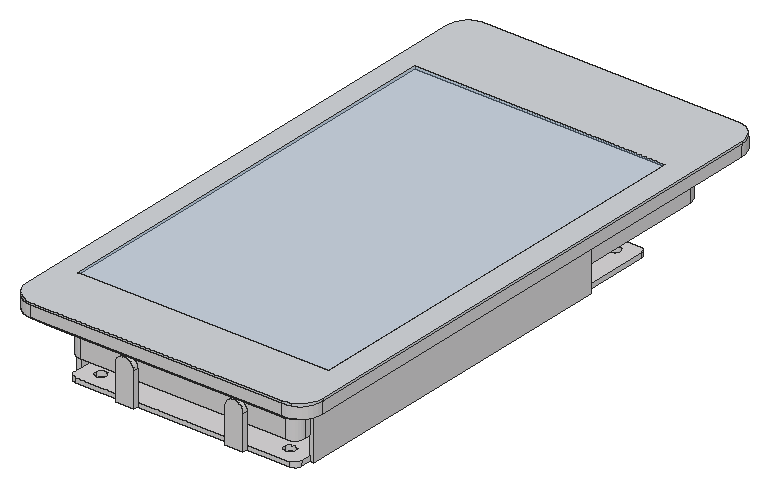
Revit family "STS-483 IP-терминал биометрической идентификации_RV17_LOD400 (0712..23)", category Датчики, Revit 2017
Family settings
  Сохранять ориентацию аннотаций = Нет
  Размер круглого соединителя = Использовать диаметр
  Тип детали = Нормальный
  На основе рабочей плоскости = Нет
  Всегда вертикально = Нет
  При загрузке вырезать с полостями = Нет
  Общий = Нет
  Точка расчета площади = Нет
Parameters (values of type "STS-483")
  Степень защиты от внешних воздействий = "IP65"
  Смещение_УГО_Y [instance] = 0 mm
  Смещение_УГО_X [instance] = 0 mm
  Скорость распознавания, мс = 0.2
  Режим работы = "непрерывный"
  Разрешение видеокамеры, пикс. = "1080х1920"
  Размер дисплея, дюйм = 8
  Раздел проекта [instance] = ""
  Раздел Спецификации [instance] = ""
  Поддержка карты памяти TF, до, ГБ = 128
  Пиковая потребляемая мощность, Вт = 8
  Напряжение = "12"
  Мощность = "2"
  Матрица = "1/2.8 CMOS"
  Интерфейсы = "Wiegand 26 RS-485, RS-232"
  Интерфейс связи = "100\r\nМ Ethernet"
  Диапазон рабочих температур, °С = "от -40 до +50"
  Встроенная память, ГБ = 4
  Встроенная видеокамера = "Цветная"
  Видивость_УГО [instance] = yes
  В_Смещение_УГО_Y [instance] = Смещение_УГО_Y + 2000 mm  # 2000 mm
  В_Смещение_УГО_X [instance] = Смещение_УГО_X + 2000 mm  # 2000 mm
  d_короба = 20 mm
  ADSK_Размер_Ширина = 130 mm
  ADSK_Размер_Длина = 250 mm
  ADSK_Размер_Высота = 25 mm
  ADSK_Примечание = ""
  ADSK_Наименование = "IP-терминал биометрической идентификации STS-483"
  ADSK_Масса = 1.5
  ADSK_Марка = "СТВФ.425728.021"
  ADSK_Количество = 1
  ADSK_Завод-изготовитель = "ООО «Основа Безопасности»"  # constant formula
  ADSK_Единица измерения = "шт."  # constant formula
  ADSK_URL страницы изделия = "https://stilsoft.ru/products/sts-483"
  ADSK_URL документации изделия = ""
Reference planes
  plane 1 "По центру (Вперед/Назад)": y = 0
  plane 2: z = 0
  plane 3 "По центру (Влево/Вправо)": x = 0
  plane 4: y = 2000
  plane 5: x = -2000
  plane 6: x = 0
  plane 7: y = 0
  plane 8: y = 250
  plane 9: x = 65
  plane 10: x = -65
  plane 11: z = 10
  plane 12: z = 35
Forms (mm)
  Extrusion 1, solid, material "кронштейн", detail levels medium+fine
    sketch origin (0, 0, 0) x (1, 0, 0) y (0, 1, 0)
      loop
        arc (-45, 235.5) -> (-48.536, 234.036) -> (-50, 230.5) r 5
        line (-50, 230.5) -> (-50, 19.5)
        arc (-50, 19.5) -> (-48.536, 15.964) -> (-45, 14.5) r 5
        line (-45, 14.5) -> (45, 14.5)
        arc (45, 14.5) -> (48.536, 15.964) -> (50, 19.5) r 5
        line (50, 19.5) -> (50, 230.5)
        arc (50, 230.5) -> (48.536, 234.036) -> (45, 235.5) r 5
        line (45, 235.5) -> (-45, 235.5)
    from 10 to 19
  Extrusion 2, solid, material "кронштейн", detail levels medium+fine
    sketch origin (0, 0, 0) x (1, 0, 0) y (0, 1, 0)
      loop
        arc (-42, 233.5) -> (-45.536, 232.036) -> (-47, 228.5) r 5
        line (-47, 228.5) -> (-47, 21.5)
        arc (-47, 21.5) -> (-45.536, 17.964) -> (-42, 16.5) r 5
        line (-42, 16.5) -> (42, 16.5)
        arc (42, 16.5) -> (45.536, 17.964) -> (47, 21.5) r 5
        line (47, 21.5) -> (47, 228.5)
        arc (47, 228.5) -> (45.536, 232.036) -> (42, 233.5) r 5
        line (42, 233.5) -> (-42, 233.5)
    from 19 to 25
  Extrusion 3, solid, material "кронштейн", detail levels medium+fine
    sketch origin (0, 0, 0) x (1, 0, 0) y (0, 1, 0)
      loop
        arc (-55, 250) -> (-62.071, 247.071) -> (-65, 240) r 10
        line (-65, 240) -> (-65, 10)
        arc (-65, 10) -> (-62.071, 2.929) -> (-55, 0) r 10
        line (-55, 0) -> (55, 0)
        arc (55, 0) -> (62.071, 2.929) -> (65, 10) r 10
        line (65, 10) -> (65, 240)
        arc (65, 240) -> (62.071, 247.071) -> (55, 250) r 10
        line (55, 250) -> (-55, 250)
    from 29 to 34
  Blend 4, solid, material "кронштейн", detail levels medium+fine
    base sketch origin (0, 0, 0) x (1, 0, 0) y (0, 1, 0)
      loop
        arc (-50, 245) -> (-57.071, 242.071) -> (-60, 235) r 10
        line (-60, 235) -> (-60, 15)
        arc (-60, 15) -> (-57.071, 7.929) -> (-50, 5) r 10
        line (-50, 5) -> (50, 5)
        arc (50, 5) -> (57.071, 7.929) -> (60, 15) r 10
        line (60, 15) -> (60, 235)
        arc (60, 235) -> (57.071, 242.071) -> (50, 245) r 10
        line (50, 245) -> (-50, 245)
    top sketch origin (0, 0, 0) x (1, 0, 0) y (0, 1, 0)
      loop
        arc (-55, 250) -> (-62.071, 247.071) -> (-65, 240) r 10
        line (-65, 240) -> (-65, 10)
        arc (-65, 10) -> (-62.071, 2.929) -> (-55, 0) r 10
        line (-55, 0) -> (55, 0)
        arc (55, 0) -> (62.071, 2.929) -> (65, 10) r 10
        line (65, 10) -> (65, 240)
        arc (65, 240) -> (62.071, 247.071) -> (55, 250) r 10
        line (55, 250) -> (-55, 250)
    from 25 to 29
  Extrusion 5, void
    sketch origin (0, 0, 0) x (1, 0, 0) y (0, 1, 0)
      loop
        line (-27.875, 213.391) -> (-27.875, 188.391) -> (27.125, 188.391) -> (27.125, 213.391) -> (-27.875, 213.391)
    from 10 to 11
  Extrusion 6, void
    sketch origin (0, 0, 0) x (1, 0, 0) y (0, 1, 0)
      loop
        arc (13.025, 86.819) -> (0.525, 93.949) -> (-11.975, 86.819) r 14.522
        line (-11.975, 86.819) -> (-11.975, 66.819)
        arc (-11.975, 66.819) -> (0.525, 59.689) -> (13.025, 66.819) r 14.522
        line (13.025, 66.819) -> (13.025, 86.819)
    from 10 to 13
  Extrusion 7, solid, detail levels medium+fine
    sketch origin (0, 0, 0) x (1, 0, 0) y (0, 1, 0)
      loop
        arc (-55, 250) -> (-62.071, 247.071) -> (-65, 240) r 10
        line (-65, 240) -> (-65, 10)
        arc (-65, 10) -> (-62.071, 2.929) -> (-55, 0) r 10
        line (-55, 0) -> (55, 0)
        arc (55, 0) -> (62.071, 2.929) -> (65, 10) r 10
        line (65, 10) -> (65, 240)
        arc (65, 240) -> (62.071, 247.071) -> (55, 250) r 10
        line (55, 250) -> (-55, 250)
      loop
        line (-55.547, 211.255) -> (-55.547, 26.255) -> (54.453, 26.255) -> (54.453, 211.255) -> (-55.547, 211.255)
    from 34 to 35
  Extrusion 8, solid, material "Стекло", detail levels medium+fine
    sketch origin (0, 0, 0) x (1, 0, 0) y (0, 1, 0)
      loop
        line (-55.547, 211.255) -> (-55.547, 26.255) -> (54.453, 26.255) -> (54.453, 211.255) -> (-55.547, 211.255)
    from 34 to 35
  Extrusion 9, solid, material "кронштейн", detail levels medium+fine
    sketch origin (0, 0, 0) x (1, 0, 0) y (0, 1, 0)
      loop
        arc (-47, 206.5) -> (-49.121, 205.621) -> (-50, 203.5) r 3
        line (-50, 203.5) -> (-50, 17.5)
        arc (-50, 17.5) -> (-49.121, 15.379) -> (-47, 14.5) r 3
        line (-47, 14.5) -> (47, 14.5)
        arc (47, 14.5) -> (49.121, 15.379) -> (50, 17.5) r 3
        line (50, 17.5) -> (50, 203.5)
        arc (50, 203.5) -> (49.121, 205.621) -> (47, 206.5) r 3
        line (47, 206.5) -> (-47, 206.5)
      loop
        circle (-41.495, 21.464) r 2.467
      loop
        circle (41.495, 21.464) r 2.467
      loop
        circle (-41.495, 199.536) r 2.467
      loop
        circle (41.495, 199.536) r 2.467
      loop
        line (-37.5, 43.39) -> (37.5, 43.39) -> (37.5, 156.649) -> (-37.5, 156.649) -> (-37.5, 43.39)
    from 0 to 2
  Extrusion 10, solid, material "кронштейн", detail levels medium+fine
    sketch origin (0, 0, 0) x (1, 0, 0) y (0, 1, 0)
      loop
        line (50, 21.5) -> (52, 21.5) -> (52, 173.5) -> (50, 173.5) -> (50, 21.5)
      loop
        line (-50, 21.5) -> (-50, 173.5) -> (-52, 173.5) -> (-52, 21.5) -> (-50, 21.5)
    from 0 to 20
  Extrusion 11, solid, material "кронштейн", detail levels medium+fine
    sketch origin (0, 0, 0) x (1, 0, 0) y (0, 0, 1)
      loop
        line (20, 0) -> (28.02, 0) -> (28.02, 15)
        arc (28.02, 15) -> (24.01, 19.01) -> (20, 15) r 4.01
        line (20, 15) -> (20, 0)
      loop
        line (-20, 0) -> (-20, 15)
        arc (-20, 15) -> (-24.01, 19.01) -> (-28.02, 15) r 4.01
        line (-28.02, 15) -> (-28.02, 0) -> (-20, 0)
    from -12.5 to -14.5
Cuts and joins
  Extrusion 5, Extrusion 6 cuts Extrusion 1
Dimensions and locks
  locked: plane 4 to plane 1 "По центру (Вперед/Назад)" at 2000
  locked: plane 5 to plane 3 "По центру (Влево/Вправо)" at 2000
  "В_Смещение_УГО_X": plane 5 to plane 6
  "В_Смещение_УГО_Y": plane 4 to plane 7
  "ADSK_Размер_Ширина": plane 10 to plane 9
  "ADSK_Размер_Длина": plane 8 to plane 1 "По центру (Вперед/Назад)"
  "ADSK_Размер_Высота": plane 12 to plane 11
  plane 11 to level = 10 mm
  aligned and locked: level to plane 2
  aligned and locked: nested 1 to plane 7
  aligned and locked: plane 6 to nested 1
Automatic sketch dimensions
  Extrusion 1 sketch curve to Extrusion 1 sketch curve = 5 mm  (x3)
  Extrusion 2 sketch curve to Extrusion 2 sketch curve = 5 mm  (x3)
  Extrusion 1 sketch curve to plane 8 = 19.5 mm
  Extrusion 2 sketch curve to plane 8 = 21.5 mm
  Extrusion 1 sketch curve to plane 10 = 20 mm  (x2)
  Extrusion 2 sketch curve to plane 10 = 23 mm  (x2)
  Extrusion 1 sketch curve to plane 9 = 20 mm
  Extrusion 2 sketch curve to plane 9 = 23 mm
  Extrusion 1 sketch curve to plane 1 "По центру (Вперед/Назад)" = 19.5 mm
  Extrusion 2 sketch curve to plane 1 "По центру (Вперед/Назад)" = 21.5 mm
  Extrusion 3 sketch curve to plane 9 = 10 mm
  Extrusion 3 sketch curve to plane 1 "По центру (Вперед/Назад)" = 10 mm
  Extrusion 3 sketch curve to plane 8 = 10 mm  (x2)
  Extrusion 3 sketch curve to plane 10 = 0 mm
  Extrusion 3 sketch curve to plane 8 = 0 mm
  Extrusion 3 sketch curve to plane 9 = 0 mm
  plane 1 "По центру (Вперед/Назад)" to Extrusion 3 sketch curve = 0 mm
  Blend 4 sketch curve to plane 10 = 0 mm
  Blend 4 sketch curve to plane 8 = 0 mm
  plane 1 "По центру (Вперед/Назад)" to Blend 4 sketch curve = 0 mm
  Blend 4 sketch curve to plane 9 = 0 mm
  Extrusion 5 sketch curve to plane 3 "По центру (Влево/Вправо)" = 27.875 mm
  plane 3 "По центру (Влево/Вправо)" to Extrusion 5 sketch curve = 27.125 mm
  Extrusion 5 sketch curve to Extrusion 5 sketch curve = 25 mm
  Extrusion 6 sketch curve to plane 3 "По центру (Влево/Вправо)" = 11.975 mm
  plane 3 "По центру (Влево/Вправо)" to Extrusion 6 sketch curve = 0.525 mm  (x2)
  Extrusion 6 sketch curve to Extrusion 6 sketch curve = 7.392 mm  (x2)
  Extrusion 6 sketch curve to Extrusion 6 sketch curve = 5.215 mm
  plane 3 "По центру (Влево/Вправо)" to Extrusion 6 sketch curve = 13.025 mm
  Extrusion 7 sketch curve to plane 10 = 0 mm
  Extrusion 7 sketch curve to plane 8 = 0 mm
  plane 1 "По центру (Вперед/Назад)" to Extrusion 7 sketch curve = 0 mm
  Extrusion 7 sketch curve to plane 9 = 0 mm
  Extrusion 7 sketch curve to Extrusion 7 sketch curve = 16.255 mm
  Extrusion 7 sketch curve to Extrusion 7 sketch curve = 28.745 mm
  Blend 4 sketch curve to plane 1 "По центру (Вперед/Назад)" = 15 mm
  Extrusion 6 sketch curve to plane 1 "По центру (Вперед/Назад)" = 66.819 mm
  Extrusion 8 sketch curve to plane 1 "По центру (Вперед/Назад)" = 26.255 mm
  Blend 4 sketch curve to plane 10 = 15 mm  (x2)
  Blend 4 sketch curve to Blend 4 sketch curve = 10 mm  (x2)
  Blend 4 sketch curve to plane 1 "По центру (Вперед/Назад)" = 10 mm  (x2)
  Extrusion 7 sketch curve to plane 10 = 9.453 mm
  Extrusion 7 sketch curve to plane 10 = 10 mm
  Extrusion 8 sketch curve to plane 10 = 9.453 mm
  Blend 4 sketch curve to plane 1 "По центру (Вперед/Назад)" = 5 mm
  Blend 4 sketch curve to plane 9 = 15 mm
  Blend 4 sketch curve to plane 9 = 10 mm
  Extrusion 7 sketch curve to plane 9 = 10.547 mm
  Extrusion 7 sketch curve to plane 1 "По центру (Вперед/Назад)" = 10 mm
  Extrusion 8 sketch curve to plane 9 = 10.547 mm
  Blend 4 sketch curve to plane 8 = 15 mm
  Blend 4 sketch curve to plane 8 = 10 mm
  Extrusion 5 sketch curve to plane 8 = 61.609 mm
  Extrusion 7 sketch curve to plane 8 = 10 mm
  Extrusion 7 sketch curve to Extrusion 7 sketch curve = 10 mm
  Extrusion 8 sketch curve to plane 8 = 38.745 mm
  Extrusion 9 sketch curve to Extrusion 9 sketch curve = 5.505 mm  (x4)
  Extrusion 9 sketch curve to Extrusion 9 sketch curve = 3 mm  (x2)
  Extrusion 9 sketch curve to plane 1 "По центру (Вперед/Назад)" = 14.5 mm
  Extrusion 9 sketch curve to Extrusion 9 sketch curve = 3.964 mm  (x3)
  Extrusion 9 sketch curve to Extrusion 9 sketch curve = 21.926 mm
  Extrusion 9 sketch curve to plane 8 = 93.351 mm
  Extrusion 9 sketch curve to Extrusion 9 sketch curve = 42.886 mm  (x2)
  Extrusion 9 sketch curve to plane 10 = 27.5 mm
  Extrusion 9 sketch curve to Extrusion 9 sketch curve = 3.995 mm
  Extrusion 9 sketch curve to Extrusion 9 sketch curve = 8.505 mm  (x2)
  Extrusion 9 sketch curve to plane 9 = 27.5 mm
  Extrusion 9 sketch curve to plane 9 = 23.505 mm
  Extrusion 10 sketch curve to plane 10 = 13 mm
  Extrusion 10 sketch curve to Extrusion 10 sketch curve = 2 mm  (x2)
  Extrusion 10 sketch curve to plane 9 = 15 mm
  Extrusion 10 sketch curve to plane 1 "По центру (Вперед/Назад)" = 21.5 mm  (x2)
  Extrusion 10 sketch curve to plane 8 = 76.5 mm  (x2)
  Extrusion 11 sketch curve to level = 0 mm  (x2)
  Extrusion 11 sketch curve to plane 3 "По центру (Влево/Вправо)" = 28.02 mm
  Extrusion 11 sketch curve to Extrusion 11 sketch curve = 4.01 mm  (x2)
  plane 3 "По центру (Влево/Вправо)" to Extrusion 11 sketch curve = 20 mm
  plane 11 to Extrusion 11 sketch curve = 5 mm  (x2)
  radius of Extrusion 9 sketch curve = 2.467 mm  (x4)
Nested families
  nested 1: "УГО_Сканер отпечатка пальца" at (0, 0, 0), visible <- "Видивость_УГО", type "УГО_Сканер отпечатка пальца", detail levels coarse
Connectors
  electrical at (0.525, 76.819, 10)
    settings: on cut or joined group of Extrusion 1, Extrusion 5, Extrusion 6, index 1, voltage 0 V, apparent load 0 VA, apparent load phase1 0 VA, apparent load phase2 0 VA, apparent load phase3 0 VA, power factor 1, load classification "Прочее", number of poles 1, system type 14, power factor state 1, is connector primary yes, connector utility no, sub classification motor no, connector description ""
  cabletrayconduit at (0, 100.02, 2), diameter 20, driven by "d_короба"
    settings: on Extrusion 9, index 2, connector width 300 mm, connector height 300 mm, connector angle 0.00°, system type 32, placement type 0, profile type 0, connector reference index -1, is primary connector yes, connector utility param no, connector description ""
Definition of nested family "УГО_Сканер отпечатка пальца"
  Reference planes
    plane 1: y = 0
    plane 2: x = 0
  Lines and regions (mm)
    Filled region 1, type "Цветовая область 1"
      outline origin (0, 0, 0) x (1, 0, 0) y (0, 1, 0)
        loop
          spline (0, -13.45) -> (0.787, -13.247) -> (1.521, -12.653) -> (2.151, -11.706) -> (2.635, -10.473) -> (2.939, -9.037) -> (3.043, -7.497) -> (2.939, -5.956) -> (2.635, -4.52) -> (2.151, -3.287) -> (1.521, -2.34) -> (0.787, -1.746) -> (0, -1.543)
          spline (0, -1.543) -> (-0.787, -1.746) -> (-1.521, -2.34) -> (-2.151, -3.287) -> (-2.635, -4.52) -> (-2.939, -5.956) -> (-3.043, -7.497) -> (-2.939, -9.037) -> (-2.635, -10.473) -> (-2.151, -11.706) -> (-1.521, -12.653) -> (-0.787, -13.247) -> (0, -13.45)
    detail lines
      curve 1: line (-5, 0, 0) -> (5, 0, 0)
      curve 2: line (5, 0, 0) -> (5, -15, 0)
      curve 3: line (5, -15, 0) -> (-5, -15, 0)
      curve 4: line (-5, -15, 0) -> (-5, 0, 0)
      curve 5: spline (0, -1.543, 0) -> (0.774, -1.745, 0) -> (1.495, -2.337, 0) -> (2.114, -3.28, 0) -> (2.589, -4.508, 0) -> (2.888, -5.938, 0) -> (2.989, -7.473, 0) -> (2.888, -9.008, 0) -> (2.589, -10.438, 0) -> (2.114, -11.666, 0) -> (1.495, -12.608, 0) -> (0.774, -13.201, 0) -> (0, -13.403, 0) -> (-0.774, -13.201, 0) -> (-1.495, -12.608, 0) -> (-2.114, -11.666, 0) -> (-2.589, -10.438, 0) -> (-2.888, -9.008, 0) -> (-2.989, -7.473, 0) -> (-2.888, -5.938, 0) -> (-2.589, -4.508, 0) -> (-2.114, -3.28, 0) -> (-1.495, -2.337, 0) -> (-0.774, -1.745, 0) -> (0, -1.543, 0)
